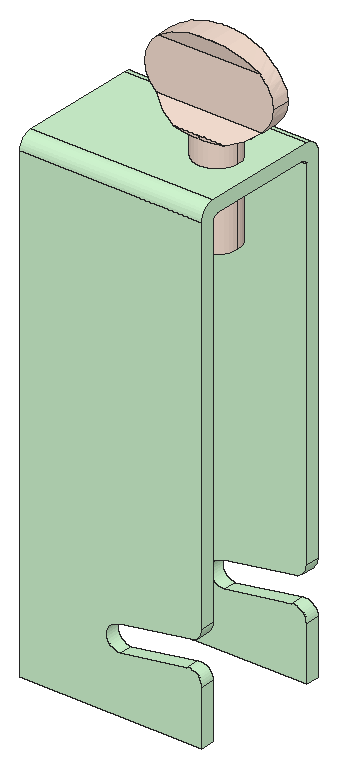
Revit family "channelcross", category 機械設備, Revit 2022
Family settings
  丸型コネクタ寸法 = 直径を使用
  種別 = なし
  パーツ タイプ = 標準
  作業面ベース = いいえ
  常に垂直 = はい
  ロード時にボイドで切り取り = いいえ
  注釈の向きを維持 = いいえ
  共有 = いいえ
  部屋計算ポイント = いいえ
Parameters
  製造元 = "株式会社桐井製作所"
  既定の高さ = 0 mm
  URL = "https://www.kirii.co.jp/"
  K_品名 = "チャンネルクロス金具"
  K_名称 = "クロス金具"
  K_入数 = "500"
  K_バージョン情報 = "20211012"
Reference planes
  plane 1 "中心(正面/背面)": y = 0
  plane 2: z = 0
  plane 3 "中心(左/右)": x = 0
Forms (mm)
  Extrusion 1, solid
    sketch origin (0, 0, 0) x (0, 1, 0) y (0, 0, 1)
      loop
        line (6.75, -0.6) -> (6.75, -54.4) -> (8.35, -54.4) -> (8.35, 0)
        arc (8.35, 0) -> (7.881, 1.131) -> (6.75, 1.6) r 1.6
        line (6.75, 1.6) -> (-6.75, 1.6)
        arc (-6.75, 1.6) -> (-7.881, 1.131) -> (-8.35, 0) r 1.6
        line (-8.35, 0) -> (-8.35, -54.4) -> (-6.75, -54.4) -> (-6.75, -0.6)
        arc (-6.75, -0.6) -> (-6.574, -0.176) -> (-6.15, 0) r 0.6
        line (-6.15, 0) -> (6.15, 0)
        arc (6.15, 0) -> (6.574, -0.176) -> (6.75, -0.6) r 0.6
    from -10.5 to 10.5
  Extrusion 2, void
    sketch origin (0, 0, 0) x (1, 0, 0) y (0, 0, 1)
      loop
        line (9.203, -43.577) -> (1, -44.9)
        arc (1, -44.9) -> (-0.5, -46.4) -> (1, -47.9) r 1.5
        line (1, -47.9) -> (8.797, -46.632)
        arc (8.797, -46.632) -> (9.986, -46.988) -> (10.5, -48.118) r 1.5
        line (10.5, -48.118) -> (10.5, -42.091)
        arc (10.5, -42.091) -> (10.13, -43.077) -> (9.203, -43.577) r 1.5
    from 6.75 to 8.35
  Extrusion 3, void
    sketch origin (0, 15.1, 0) x (1, 0, 0) y (0, 0, 1)
      loop
        line (9.203, -43.577) -> (1, -44.9)
        arc (1, -44.9) -> (-0.5, -46.4) -> (1, -47.9) r 1.5
        line (1, -47.9) -> (8.797, -46.632)
        arc (8.797, -46.632) -> (9.986, -46.988) -> (10.5, -48.118) r 1.5
        line (10.5, -48.118) -> (10.5, -42.091)
        arc (10.5, -42.091) -> (10.13, -43.077) -> (9.203, -43.577) r 1.5
    from 6.75 to 8.35
  Extrusion 4, void
    sketch origin (0, 0, 0) x (1, 0, 0) y (0, 1, 0)
      loop
        circle (5.5, 0) r 2.5
    from 0 to 1.6
Cuts and joins
  Extrusion 2, Extrusion 3, Extrusion 4 cuts Extrusion 1
Dimensions and locks
  aligned and locked: level to plane 2
Nested families
  nested 1: "BTM5×12" at (5.489, 0, 4.689) x (-1, 0, 0) z (0, 0, 1), type "BTM5×12"
Definition of nested family "BTM5×12"
  Parameters (values of type "BTM5×12")
    Manufacturer = "株式会社桐井製作所"
    Default Elevation = 0 mm
    URL = "https://www.kirii.co.jp/"
    K_名称 = "つまみボルトBTM5×12"
  Reference planes
    plane 1 "中心(正面/背面)": y = 0
    plane 2: z = 0
    plane 3 "中心(左/右)": x = 0
  Forms (mm)
    Extrusion 1, solid
      sketch origin (0, 0.2, 0) x (1, 0, 0) y (0, 1, 0)
        loop
          circle (-0.011, -0.2) r 2.5
      from 0 to -12
    Extrusion 2, solid
      sketch origin (0, 0, 0) x (1, 0, 0) y (0, 0, 1)
        loop
          spline (7.45, 4.591) -> (7.196, 5.885) -> (6.452, 7.091) -> (5.268, 8.127) -> (3.725, 8.922) -> (1.928, 9.421) -> (0, 9.591) -> (-1.928, 9.421) -> (-3.725, 8.922) -> (-5.268, 8.127) -> (-6.452, 7.091) -> (-7.196, 5.885) -> (-7.45, 4.591)
          spline (-7.45, 4.591) -> (-7.196, 3.297) -> (-6.452, 2.091) -> (-5.268, 1.056) -> (-3.725, 0.261) -> (-1.928, -0.238) -> (0, -0.409) -> (1.928, -0.238) -> (3.725, 0.261) -> (5.268, 1.056) -> (6.452, 2.091) -> (7.196, 3.297) -> (7.45, 4.591)
      from -2.5 to 2.5
    Extrusion 3, void
      sketch origin (0, 0, 0) x (0, 1, 0) y (0, 0, 1)
        loop
          line (-1.5, 9.613) -> (-2.5, 9.613) -> (-2.5, 0) -> (-1, 1.714) -> (-1, 7.714) -> (-1.5, 9.613)
        loop
          line (1.678, 10.29) -> (1, 7.714) -> (1, 1.714) -> (2.5, 0) -> (2.5, 10.29) -> (1.678, 10.29)
      from -8.4 to 8.301
  Cuts and joins
    Extrusion 3 cuts Extrusion 2
  Dimensions and locks
    aligned and locked: level to plane 2
